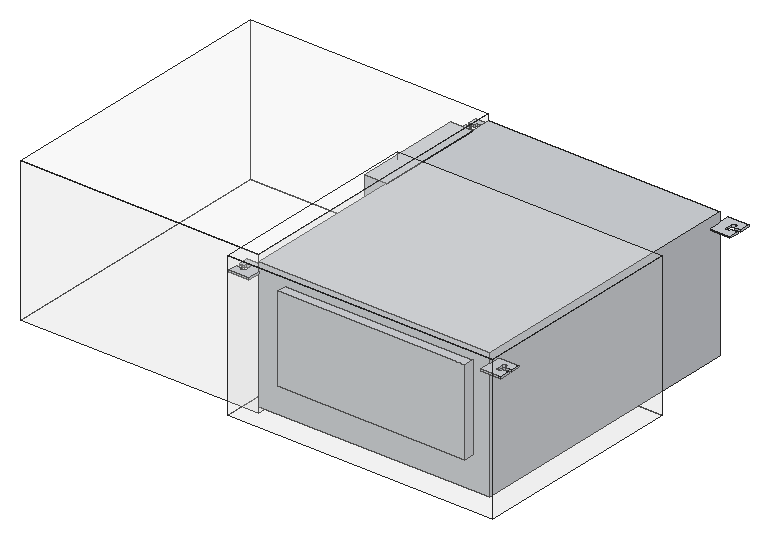
Revit family "pefy-p45_160mg9-j_50Hz", category 機械設備, Revit 2019
Family settings
  丸型コネクタ寸法 = 直径を使用
  パーツ タイプ = 標準
  OmniClass 番号 = 23.75.10.24.21.27.27
  OmniClass タイトル = Split System Air Conditioning Units
  作業面ベース = いいえ
  常に垂直 = はい
  ロード時にボイドで切り取り = いいえ
  共有 = いいえ
  部屋計算ポイント = はい
Parameters (values of type "PEFY-P45MG9-J")
  風量（弱）（m3／min） = 10
  風量（m3／min） = 14
  風量 = MAX風量  # 840.0 m³/h
  音響パワーレベル（弱）(dB) = 51
  音響パワーレベル(dB) = 57
  電源種別 = ""
  電源_H = 0 mm
  電圧_電気ヒーター = 0 V
  電圧 = 200 V
  電動機出力_送風機 = 0.08 kW
  運転質量 = 0.00 kg
  連動 = ""
  質量 = if(製品質量 > 運転質量, 製品質量, 運転質量) * 1.2  # 46.80 kg
  負荷分類 = 3_ファン類
  説明 = "ビル用マルチエアコン 天井埋込形　室内機"
  設計暖房能力 = 0.00 kW
  設計冷房能力_顕熱 = 0 kW
  設計冷房能力 = 0 kW
  設置方法 = "天井吊(隠ぺい)形"
  記号 = ""
  製造元 = "三菱電機株式会社"
  製品質量 = 39.00 kg
  製品出荷対象 = "国内"
  製品リリース年月 = "2022年9月15日"
  製品グループ = ""
  系統 = ""
  符号 = "ACP_CID"
  積算_科目 = "1 空気調和設備"
  積算_拾い区分 [instance] = ""
  相_電気ヒーター = 1
  相 = 1
  盤記号 = ""
  発停方法 = "付属スイッチ"
  特殊仕様 = ""
  点検口離隔 [instance] = if(点検口離隔入力値 > 200 mm, 200 mm, if(点検口離隔入力値 < 150 mm, 150 mm, 点検口離隔入力値))  # 150 mm
  点検口離隔入力値 [instance] = 150 mm
  点検口設置範囲 = 700 mm
  点検口位置 = 100 mm
  点検口 = yes
  火災停止 = ""
  消費電力_電気ヒーター = 0.00 kW
  消費電力_暖房 = 0.17 kW
  消費電力_加湿器 = 0.00 kW
  消費電力_冷房 = 0.19 kW
  消費電力 = if(消費電力_冷房 > 消費電力_暖房, 消費電力_冷房, 消費電力_暖房) + 消費電力_加湿器 + 消費電力_電気ヒーター  # 0.19 kW
  法定耐用年数 = "15"
  機外静圧 = 100.0 Pa
  極数 = 3
  材質 = ""
  本体マテリアル = none
  有効加湿量 = 0
  暖房能力 = 5.00 kW
  推奨ブレーカー容量 = 15 A
  形式_加湿器 = ""
  形式 = "天井吊（隠ぺい）形（両ダクト形）"
  幹線記号 = ""
  始動方式 = ""
  呼称 = "室内機_天井吊(隠ぺい)形(両ダクト形)"
  周波数 = 50 Hz
  吊り幅 = if(Depth = 900 mm, 60 mm, 61 mm)  # 60 mm
  吊り位置Y = 842 mm
  吊り位置X = 754 mm
  台数_手元リモコン = ""
  台数_冷媒分岐ユニット = ""
  参照している仕様書等のバージョン = "公共建築工事標準仕様書（機械設備工事編）平成31年度版"
  加湿給水管径 = 0 mm
  分類コード = "50053003221070"
  分類グループ = ""
  冷房能力 = 4.5 kW
  冷媒高低圧ガス管径 = 0 mm
  冷媒管径符号 = "Ac"
  冷媒管径 = 100 mm
  冷媒液管径 = 6.35 mm
  冷媒液管_縦 = 58 mm
  冷媒液管_横 = 69 mm
  冷媒ガス管径 = 12.7 mm
  冷媒ガス管_縦 = 143 mm
  冷媒ガス管_横 = 187 mm
  企業コード = "108420"
  付属品_フィルター = ""
  付属品 = ""
  仕様書バージョン = "Version1.0"
  モデル = "PEFY-P45MG9-J"
  ドレン管径 = 32 mm
  ドレン管_縦 = 326.5 mm
  ドレン管_横 = 430 mm
  サービススペース = yes
  コメント [instance] = ""
  ケーブル種類 = ""
  ケーブルサイズ = 1.6 mm
  Width = 745 mm
  Version = ""
  Uniclass2015Version = "Systems v1.9"
  Uniclass2015Title = "Split coil remote air cooled condensing units"
  Uniclass2015Code = "Pr_70_65_03_84"
  URL = "https://www.mitsubishielectric.co.jp/ldg/wink/ssl/displayProduct.do?pid=317047"
  SpecificationReference = ""
  SpecificationDescription = ""
  S_H = Height + 20 mm  # 400 mm
  SAサイズ_W = 550 mm
  SAサイズ_D = 250 mm
  Revision = ""
  RAサイズ_W = 600 mm
  RAサイズ_D = 340 mm
  ProductInformation = ""
  OmniClassCode = "23-751024212727"
  MIN風量 = 風量（弱）（m3／min） * 60.0 m³/h  # 600.0 m³/h
  MAX風量 = 風量（m3／min） * 60.0 m³/h  # 840.0 m³/h
  IfcTypeProduct = ""
  IfcProduct = ""
  IfcExportType = "AIRCONDITIONINGUNIT"
  IfcExportAs = "IfcUnitaryEquipmentType"
  Height = 380 mm
  Depth = 900 mm
  Clearance Top = 20 mm  # constant formula
  Clearance Right = 50 mm  # constant formula
  Clearance Left = if(Width = 745 mm, 730 mm, if(Width = 1030 mm, 1015 mm, if(Width = 1195 mm, 1180 mm, 1300 mm)))  # 730 mm
  Clearance Front = if(Depth = 900 mm, 575 mm, 650 mm)  # 575 mm
  Clearance Bottom = 20 mm  # constant formula
  Clearance Back = 50 mm  # constant formula
  Author = "三菱電機株式会社"
Types (8, lengths in mm): name | 風量（弱）（m3／min） | 風量（m3／min） | 風量 | 音響パワーレベル（弱）(dB) | 音響パワーレベル(dB) | 電動機出力_送風機 | 質量 | 製品質量 | 消費電力_暖房 | 消費電力_冷房 | 消費電力 | 暖房能力 | 吊り位置X | 冷房能力 | 冷媒管径符号 | 冷媒液管径 | 冷媒ガス管径 | モデル | Width | URL | SAサイズ_W | RAサイズ_W | MIN風量 | MAX風量 | Clearance Left
  PEFY-P45MG9-J | 10 | 14 | 840.0 m³/h | 51 | 57 | 0.08 kW | 46.80 kg | 39.00 kg | 0.17 kW | 0.19 kW | 0.19 kW | 5.00 kW | 754 | 4.5 kW | "Ac" | 6.35 | 12.7 | "PEFY-P45MG9-J" | 745 | "https://www.mitsubishielectric.co.jp/ldg/wink/ssl/displayProduct.do?pid=317047" | 550 | 600 | 600.0 m³/h | 840.0 m³/h | 730
  PEFY-P56MG9-J | 10 | 14 | 840.0 m³/h | 52 | 57 | 0.08 kW | 46.80 kg | 39.00 kg | 0.17 kW | 0.19 kW | 0.19 kW | 6.30 kW | 754 | 5.6 kW | "Ac" | 6.35 | 12.7 | "PEFY-P56MG9-J" | 745 | "https://www.mitsubishielectric.co.jp/ldg/wink/ssl/displayProduct.do?pid=317048" | 550 | 600 | 600.0 m³/h | 840.0 m³/h | 730
  PEFY-P71MG9-J | 13.5 | 19 | 1140.0 m³/h | 56 | 61 | 0.10 kW | 48.00 kg | 40.00 kg | 0.22 kW | 0.24 kW | 0.24 kW | 8.00 kW | 754 | 7.1 kW | "Bd" | 9.52 | 15.88 | "PEFY-P71MG9-J" | 745 | "https://www.mitsubishielectric.co.jp/ldg/wink/ssl/displayProduct.do?pid=317049" | 550 | 600 | 810.0 m³/h | 1140.0 m³/h | 730
  PEFY-P80MG9-J | 15.5 | 22 | 1320.0 m³/h | 56 | 61 | 0.11 kW | 61.20 kg | 51.00 kg | 0.26 kW | 0.28 kW | 0.28 kW | 9.00 kW | 1039 | 8 kW | "Bd" | 9.52 | 15.88 | "PEFY-P80MG9-J" | 1030 | "https://www.mitsubishielectric.co.jp/ldg/wink/ssl/displayProduct.do?pid=317050" | 835 | 885 | 930.0 m³/h | 1320.0 m³/h | 1015
  PEFY-P90MG9-J | 18 | 25 | 1500.0 m³/h | 58 | 63 | 0.14 kW | 61.20 kg | 51.00 kg | 0.27 kW | 0.29 kW | 0.29 kW | 10.00 kW | 1039 | 9 kW | "Bd" | 9.52 | 15.88 | "PEFY-P90MG9-J" | 1030 | "https://www.mitsubishielectric.co.jp/ldg/wink/ssl/displayProduct.do?pid=317051" | 835 | 885 | 1080.0 m³/h | 1500.0 m³/h | 1015
  PEFY-P112MG9-J | 26.5 | 38 | 2280.0 m³/h | 60 | 64 | 0.20 kW | 75.60 kg | 63.00 kg | 0.47 kW | 0.49 kW | 0.49 kW | 12.50 kW | 1204 | 11.2 kW | "Bd" | 9.52 | 15.88 | "PEFY-P112MG9-J" | 1195 | "https://www.mitsubishielectric.co.jp/ldg/wink/ssl/displayProduct.do?pid=317052" | 1000 | 1050 | 1590.0 m³/h | 2280.0 m³/h | 1180
  PEFY-P140MG9-J | 26.5 | 38 | 2280.0 m³/h | 61 | 65 | 0.20 kW | 75.60 kg | 63.00 kg | 0.47 kW | 0.49 kW | 0.49 kW | 16.00 kW | 1204 | 14 kW | "Bd" | 9.52 | 15.88 | "PEFY-P140MG9-J" | 1195 | "https://www.mitsubishielectric.co.jp/ldg/wink/ssl/displayProduct.do?pid=317053" | 1000 | 1050 | 1590.0 m³/h | 2280.0 m³/h | 1180
  PEFY-P160MG9-J | 28 | 40 | 2400.0 m³/h | 62 | 65 | 0.23 kW | 78.00 kg | 65.00 kg | 0.47 kW | 0.49 kW | 0.49 kW | 18.00 kW | 1204 | 16 kW | "Bd" | 9.52 | 15.88 | "PEFY-P160MG9-J" | 1195 | "https://www.mitsubishielectric.co.jp/ldg/wink/ssl/displayProduct.do?pid=317054" | 1000 | 1050 | 1680.0 m³/h | 2400.0 m³/h | 1180
Reference planes
  plane 1 "中心(正面/背面)": y = -138.467
  plane 2: z = 0
  plane 3 "中心(左/右)": x = 140.396
  plane 4: z = 380
  plane 5: z = 400
  plane 6: x = 517.396
  plane 7: x = -236.604
  plane 8: y = -528.467
  plane 9: y = -588.467
  plane 10: y = 311.533
  plane 11: x = 480.396
  plane 12: x = -264.604
  plane 13: z = -20
  plane 14: x = 540.396
  plane 15: y = -559.467
  plane 16: y = 287.533
  plane 17: y = -135.967
  plane 18: y = -262.467
  plane 19: y = 187.533
  plane 20: x = -199.604
  plane 21: x = -349.604
  plane 22: x = -899.604
  plane 23: z = 400
  plane 24: x = -249.604
  plane 25: y = -609.467
  plane 26: x = 530.396
  plane 27: y = 15.533
  plane 28 "吊りボルトピッチ-1": y = 282.533
Dimensions and locks
  "S_H": plane 5 to level
  equal spacing: plane 10, plane 1 "中心(正面/背面)", plane 9
  "Depth": plane 10 to plane 9
  "Width": plane 11 to plane 12
  "Clearance Bottom": level to plane 13
  locked: plane 8 to plane 9 at 60
  "吊り幅": plane 14 to plane 11
  "Height": plane 4 to level
  locked: plane 10 to plane 16 at 24
  locked: plane 15 to plane 9 at 29
  locked: plane 19 to plane 18 at 450
  equal spacing: plane 16, plane 17, plane 15
  plane 20 to plane 7 = 37 mm
  "点検口離隔": plane 20 to plane 21
  "点検口設置範囲": plane 20 to plane 22
  "Clearance Top": plane 23 to plane 4
  "Clearance Back": plane 15 to plane 25
  "Clearance Right": plane 20 to plane 24
  "Clearance Front": plane 27 to plane 15
  "Clearance Left": plane 26 to plane 20
  "点検口位置": plane 16 to plane 19
  equal spacing: plane 11, plane 3 "中心(左/右)", plane 20
  "吊り位置X": plane 7 to plane 6
  equal spacing: plane 7, plane 3 "中心(左/右)", plane 6
  locked: plane 6 to plane 14 at 23
  aligned and locked: level to plane 2
  aligned and locked: nested 3 to plane 3 "中心(左/右)"
  aligned and locked: plane 1 "中心(正面/背面)" to nested 3
  aligned and locked: plane 18 to nested 2
  aligned and locked: plane 19 to nested 2
  aligned and locked: nested 2 to plane 22
  aligned and locked: nested 2 to plane 21
  aligned and locked: plane 23 to nested 1
  aligned and locked: plane 23 to nested 4
  aligned and locked: plane 13 to nested 1
  aligned and locked: plane 13 to nested 4
  aligned and locked: nested 1 to plane 15
  aligned and locked: nested 1 to plane 16
  aligned and locked: nested 1 to plane 22
  aligned and locked: nested 1 to plane 20
  aligned and locked: nested 4 to plane 25
  aligned and locked: nested 4 to plane 27
  aligned and locked: nested 4 to plane 24
  aligned and locked: nested 4 to plane 26
  aligned and locked: plane 6 to nested 5
  aligned and locked: nested 5 to plane 7
  aligned and locked: nested 5 to plane 15
Nested families
  nested 1: "サービススペース" at (-549.604, -135.967, 190) x (-1, 0, 0) z (0, 0, 1), visible <- "サービススペース", type "サービススペース"
    with Width 700 mm, Height 420 mm, Depth 847 mm
  nested 2: "点検口設置範囲" at (-624.604, -37.467, 0) x (-1, 0, 0) z (0, 0, 1), visible <- "点検口", type "点検口設置範囲"
    with Width 550 mm, Depth 450 mm
  nested 3: "PEFY-P○○○MG9" at (312.896, -138.467, 0) x (0, -1, 0) z (0, 0, 1), type "PEFY-P○○○MG9"
    with 制御ボクス yes, ユニット表示 yes
  nested 4: "サービススペース" at (140.396, -296.967, 190) x (-1, 0, 0) z (0, 0, 1), visible <- "サービススペース", type "サービススペース"
    with Width 780 mm, Height 420 mm, Depth 625 mm
  nested 5: "固定点" at (-236.604, -559.467, 0), W <- "吊り位置X", D <- "吊り位置Y", type "固定点"
    with W 754 mm, D 842 mm
Connectors
  hvac at (155.396, -588.467, 219), driven by "SAサイズ_D", driven by "SAサイズ_W", driven by "機外静圧", driven by "風量"
    settings: on nested 3, index 1, duct flow 840.0 m³/h, flow factor 0, pres drop 100.0 Pa, loss coef 0, conn angle 0.00°, conn width 550 mm, conn height 250 mm, conn diameter 609.6 mm, duct sys type 29, conn prof type 1, flow config 0, flow direction 2, loss method 4, conn ref index -1, conn util no, is conn primary yes, conn desc ""
  hvac at (140.396, 311.533, 186), driven by "RAサイズ_D", driven by "RAサイズ_W", driven by "機外静圧", driven by "風量"
    settings: on nested 3, index 2, duct flow 840.0 m³/h, flow factor 0, pres drop 100.0 Pa, loss coef 0, conn angle 0.00°, conn width 600 mm, conn height 340 mm, conn diameter 609.6 mm, duct sys type 29, conn prof type 1, flow config 0, flow direction 1, loss method 4, conn ref index -1, conn util no, is conn primary no, conn desc ""
  piping at (-264.604, -337.967, 172), diameter 100, driven by "冷媒管径", driven by "冷媒管径符号"
    settings: on nested 3, index 3, connector inside diameter 609.6 mm, connector length 0 mm, flow factor 0, pipe flow 0.0 L/s, pressure drop 0.0 Pa, fitting loss kfactor 0, connector angle 0.00°, fixture units 0, engagement length 0 mm, angle of deflection 0.00°, flow configuration 1, flow direction 1, fitting loss method 4, system type 7, joint type 0, gender type 0, connector reference index -1, connector utility 0, adjustable connector no, is connector primary yes, connector description "Ac"
  piping at (-209.604, -129.467, 326.5), diameter 32, driven by "ドレン管径"
    settings: on nested 3, index 4, connector inside diameter 609.6 mm, connector length 0 mm, flow factor 0, pipe flow 0.0 L/s, pressure drop 0.0 Pa, fitting loss kfactor 0, connector angle 0.00°, fixture units 0, engagement length 0 mm, angle of deflection 0.00°, flow configuration 1, flow direction 2, fitting loss method 4, system type 16, joint type 0, gender type 0, connector reference index -1, connector utility 0, adjustable connector no, is connector primary no, connector description ""
  electrical at (-209.604, 117.533, 60), driven by "極数", driven by "負荷分類", driven by "電圧", driven by "消費電力"
    settings: on nested 3, index 5, voltage 200 V, apparent load 190 VA, apparent load phase1 0 VA, apparent load phase2 0 VA, apparent load phase3 0 VA, power factor 1, load classification "3_ファン類", number of poles 3, system type 30, power factor state 1, is connector primary yes, connector utility no, sub classification motor no, connector description ""
Definition of nested family "サービススペース"
  Parameters (values of type "サービススペース")
    Width [instance] = 500 mm
    Height [instance] = 500 mm
    Depth [instance] = 500 mm
  Reference planes
    plane 1 "中心(正面/背面)": y = 0
    plane 2: z = 0
    plane 3 "中心(左/右)": x = 0
    plane 4: y = -250
    plane 5: x = 250
    plane 6: y = 250
    plane 7: x = -250
    plane 8: z = 250
    plane 9: z = -250
  Forms (mm)
    Extrusion 1, solid
      sketch origin (-638.939, 0, 72.39) x (1, 0, 0) y (0, 1, 0)
        loop
          line (388.939, 250) -> (388.939, -250) -> (888.939, -250) -> (888.939, 250) -> (388.939, 250)
      from -322.39 to 177.61
  Lines and regions (mm)
    symbolic lines
      curve 1: line (-250, 0, 250) -> (250, 0, 250)
      curve 2: line (-250, 0, -250) -> (-250, 0, 250)
      curve 3: line (250, 0, -250) -> (-250, 0, -250)
      curve 4: line (250, 0, 250) -> (250, 0, -250)
      curve 5: line (0, -250, 250) -> (0, 250, 250)
      curve 6: line (0, -250, -250) -> (0, -250, 250)
      curve 7: line (0, 250, -250) -> (0, -250, -250)
      curve 8: line (0, 250, 250) -> (0, 250, -250)
      curve 9: line (-250, 250, 0) -> (250, 250, 0)
      curve 10: line (-250, -250, 0) -> (-250, 250, 0)
      curve 11: line (250, -250, 0) -> (-250, -250, 0)
      curve 12: line (250, 250, 0) -> (250, -250, 0)
  Dimensions and locks
    equal spacing: plane 7, plane 3 "中心(左/右)", plane 5
    equal spacing: plane 4, plane 1 "中心(正面/背面)", plane 6
    "Depth": plane 4 to plane 6
    "Width": plane 7 to plane 5
    equal spacing: plane 8, plane 2, plane 9
    "Height": plane 8 to plane 9
    aligned and locked: plane 9 to curve 3
    aligned and locked: plane 7 to curve 2
    aligned and locked: curve 4 to plane 5
    aligned and locked: plane 5 to Extrusion 1
    aligned and locked: Extrusion 1 to plane 7
    aligned and locked: Extrusion 1 to plane 9
    aligned and locked: plane 8 to Extrusion 1
    aligned and locked: plane 9 to curve 7
  Automatic sketch dimensions
    plane 4 to Extrusion 1 sketch curve = 0 mm
    Extrusion 1 sketch curve to plane 7 = 0 mm
    Extrusion 1 sketch curve to plane 5 = 0 mm
    plane 6 to Extrusion 1 sketch curve = 0 mm
    curve 2 to plane 8 = 0 mm
    plane 4 to curve 11 = 0 mm
    curve 11 to plane 7 = 0 mm
    curve 11 to plane 5 = 0 mm
    plane 6 to curve 10 = 0 mm
    curve 7 to plane 4 = 0 mm
    curve 7 to plane 6 = 0 mm
    curve 6 to plane 8 = 0 mm
Definition of nested family "PEFY-P○○○MG9"
  Parameters (values of type "PEFY-P○○○MG9")
    配線取出口サイズ = 36 mm
    配線取出口-Z = 60 mm  # constant formula
    配線取出口-Y = 10 mm  # constant formula
    配線取出口-X = 50 mm  # constant formula
    制御ボクス [instance] = and(ユニット表示, 幅さ = 900 mm)  # yes
    冷媒液配管サイズ = 6.35 mm
    y = if(幅さ = 900 mm, 65 mm, 0 mm)  # 65 mm
    e = if(幅さ = 900 mm, 80 mm, 100 mm)  # 80 mm
    d = if(幅さ = 900 mm, 40 mm, 102 mm)  # 40 mm
    R2 = 250 mm
    R1 = if(幅さ = 900 mm, 94 mm, 105 mm)  # 94 mm
    L2 = 340 mm
    L1 = if(幅さ = 900 mm, 16 mm, 20 mm)  # 16 mm
    E = 550 mm
    C = 680 mm
    A = if(奥行き = 745 mm, 800 mm, if(奥行き = 1030 mm, 1085 mm, if(奥行き = 1195 mm, 1250 mm, 1372 mm)))  # 800 mm
    高さ = 380 mm
    奥行き = 745 mm
    吊りボルト_H = 167 mm
    冷媒配管 = 100 mm
    冷媒液管径-Z = 58 mm
    冷媒液管径-Y = if(幅さ = 900 mm, 65 mm, 100 mm)  # 65 mm
    冷媒液管径-X = 69 mm
    冷媒ガス管径-Z = 143 mm
    冷媒ガス管径-Y = if(幅さ = 900 mm, 70 mm, 100 mm)  # 70 mm
    冷媒ガス管径-X = 187 mm
    ユニット表示 [instance] = yes
    吊りボルトピッチ = 842 mm
    ドレン配管サイズ = 32 mm
    ドレン管径-Z = 326.5 mm
    ドレン管径-Y = 10 mm  # constant formula
    ドレン管径-X = 430 mm
    冷媒ガス配管サイズ = 12.7 mm
    D = 600 mm
    幅さ = 900 mm
    B = 754 mm
  Reference planes
    plane 1 "中心(正面/背面)": y = -172.5
    plane 2: z = 0
    plane 3 "中心(左/右)": x = 0
    plane 4: z = 380
    plane 5: z = -20
    plane 6: x = -450
    plane 7: x = 450
    plane 8: y = -572.5
    plane 9: z = 400
    plane 10: y = 167.5
    plane 11: y = -512.5
    plane 12: x = -426
    plane 13 "吊金具-２": x = 421
    plane 14: z = 41
    plane 15: z = 36
    plane 16: y = 117.5
    plane 17: y = -432.5
    plane 18: y = 127.5
    plane 19: y = -472.5
    plane 20: y = 204.5
    plane 21: z = 356
    plane 22: z = 16
    plane 23: z = 94
    plane 24: z = 344
    plane 25: y = -577.5
    plane 26: x = -366
    plane 27: x = -306
    plane 28: z = 120
    plane 29: z = 170
    plane 30: y = -517.5
    plane 31: x = -454
    plane 32: x = 390
    plane 33: x = -354
    plane 34: x = 321
    plane 35: y = 227.5
    plane 36: y = -549.5
    plane 37: y = -577.5
    plane 38: y = -522.5
    plane 39: y = -577.5
    plane 40: y = -582.5
    plane 41: x = 234
    plane 42: z = 143
    plane 43: x = 165
    plane 44: z = 201
    plane 45: x = 199.5
    plane 46: z = 172
    plane 47: x = -9
    plane 48: x = -50
    plane 49: z = 326.5
    plane 50: x = -256
    plane 51: z = 60
    plane 52 "吊金具-2": x = 455
    plane 53: x = 415
    plane 54: x = 427
    plane 55 "吊金具-高さ": z = 353
    plane 56 "吊金具-1": x = -421
  Forms (mm)
    Extrusion 1, solid, visible <- "ユニット表示", detail levels fine
      sketch origin (0, 0, 0) x (1, 0, 0) y (0, 1, 0)
        loop
          line (-426, 167.5) -> (-426, -512.5) -> (421, -512.5) -> (421, 167.5) -> (-426, 167.5)
      from 0 to 380
    Extrusion 2, solid, visible <- "ユニット表示", detail levels fine
      sketch origin (0, 0, 0) x (1, 0, 0) y (0, 1, 0)
        loop
          line (-450, 127.5) -> (-450, -472.5) -> (-426, -472.5) -> (-426, 127.5) -> (-450, 127.5)
      from 16 to 356
    Extrusion 3, solid, visible <- "ユニット表示", detail levels fine
      sketch origin (0, 0, 0) x (1, 0, 0) y (0, 1, 0)
        loop
          line (450, 117.5) -> (421, 117.5) -> (421, -432.5) -> (450, -432.5) -> (450, 117.5)
      from 94 to 344
    Extrusion 4, solid, visible <- "制御ボクス", detail levels fine
      sketch origin (1480.036, -517.5, 1200) x (1, 0, 0) y (0, 0, 1)
        loop
          line (-1786.036, -1030) -> (-1786.036, -1184) -> (-1530.036, -1184) -> (-1530.036, -820) -> (-1846.036, -820) -> (-1846.036, -1030) -> (-1786.036, -1030)
      from -5 to 60
    Extrusion 5, solid, visible <- "ユニット表示", detail levels fine
      sketch origin (-1437.329, -1523, 36) x (-1, 0, 0) y (0, -1, 0)
        loop
          line (-1824.329, -950.5) -> (-1852.329, -950.5) -> (-1852.329, -966.5) -> (-1850.329, -966.5)
          arc (-1850.329, -966.5) -> (-1845.38, -968.55) -> (-1843.329, -973.5) r 7
          arc (-1843.329, -973.5) -> (-1845.38, -978.45) -> (-1850.329, -980.5) r 7
          line (-1850.329, -980.5) -> (-1866.329, -980.5)
          arc (-1866.329, -980.5) -> (-1871.279, -978.45) -> (-1873.329, -973.5) r 7
          arc (-1873.329, -973.5) -> (-1871.279, -968.55) -> (-1866.329, -966.5) r 7
          line (-1866.329, -966.5) -> (-1864.329, -966.5) -> (-1864.329, -950.5) -> (-1892.329, -950.5) -> (-1892.329, -1010.5) -> (-1824.329, -1010.5) -> (-1824.329, -950.5)
        loop
          line (-1824.329, -1750.5) -> (-1824.329, -1690.5) -> (-1892.329, -1690.5) -> (-1892.329, -1750.5) -> (-1864.329, -1750.5) -> (-1864.329, -1734.5) -> (-1866.329, -1734.5)
          arc (-1866.329, -1734.5) -> (-1871.279, -1732.45) -> (-1873.329, -1727.5) r 7
          arc (-1873.329, -1727.5) -> (-1871.279, -1722.55) -> (-1866.329, -1720.5) r 7
          line (-1866.329, -1720.5) -> (-1850.329, -1720.5)
          arc (-1850.329, -1720.5) -> (-1845.38, -1722.55) -> (-1843.329, -1727.5) r 7
          arc (-1843.329, -1727.5) -> (-1845.38, -1732.45) -> (-1850.329, -1734.5) r 7
          line (-1850.329, -1734.5) -> (-1852.329, -1734.5) -> (-1852.329, -1750.5) -> (-1824.329, -1750.5)
        loop
          line (-982.329, -950.5) -> (-1010.329, -950.5) -> (-1010.329, -966.5) -> (-1008.329, -966.5)
          arc (-1008.329, -966.5) -> (-1003.38, -968.55) -> (-1001.329, -973.5) r 7
          arc (-1001.329, -973.5) -> (-1003.38, -978.45) -> (-1008.329, -980.5) r 7
          line (-1008.329, -980.5) -> (-1024.329, -980.5)
          arc (-1024.329, -980.5) -> (-1029.279, -978.45) -> (-1031.329, -973.5) r 7
          arc (-1031.329, -973.5) -> (-1029.279, -968.55) -> (-1024.329, -966.5) r 7
          line (-1024.329, -966.5) -> (-1022.329, -966.5) -> (-1022.329, -950.5) -> (-1050.329, -950.5) -> (-1050.329, -1010.5) -> (-982.329, -1010.5) -> (-982.329, -950.5)
        loop
          line (-982.329, -1750.5) -> (-982.329, -1690.5) -> (-1050.329, -1690.5) -> (-1050.329, -1750.5) -> (-1022.329, -1750.5) -> (-1022.329, -1734.5) -> (-1024.329, -1734.5)
          arc (-1024.329, -1734.5) -> (-1029.279, -1732.45) -> (-1031.329, -1727.5) r 7
          arc (-1031.329, -1727.5) -> (-1029.279, -1722.55) -> (-1024.329, -1720.5) r 7
          line (-1024.329, -1720.5) -> (-1008.329, -1720.5)
          arc (-1008.329, -1720.5) -> (-1003.38, -1722.55) -> (-1001.329, -1727.5) r 7
          arc (-1001.329, -1727.5) -> (-1003.38, -1732.45) -> (-1008.329, -1734.5) r 7
          line (-1008.329, -1734.5) -> (-1010.329, -1734.5) -> (-1010.329, -1750.5) -> (-982.329, -1750.5)
      from 312 to 317
    Extrusion 6, solid, visible <- "ユニット表示", detail levels fine
      sketch origin (1480.036, -512.5, 1200) x (1, 0, 0) y (0, 0, 1)
        loop
          circle (-1246.036, -1057) r 6.35
      from 0 to 70
    Extrusion 7, solid, visible <- "ユニット表示", detail levels fine
      sketch origin (1480.036, -512.5, 1200) x (1, 0, 0) y (0, 0, 1)
        loop
          circle (-1315.036, -999) r 3.175
      from 0 to 65
    Extrusion 8, solid, visible <- "ユニット表示", detail levels fine
      sketch origin (1480.036, -512.5, 1200) x (1, 0, 0) y (0, 0, 1)
        loop
          circle (-1280.536, -1028) r 50
      from 0 to 65
    Extrusion 9, solid, visible <- "ユニット表示", detail levels fine
      sketch origin (1480.036, -512.5, 1200) x (1, 0, 0) y (0, 0, 1)
        loop
          circle (-1489.036, -873.5) r 16
      from 0 to 10
    Extrusion 10, solid, visible <- "ユニット表示", detail levels fine
      sketch origin (1480.036, -512.5, 1200) x (1, 0, 0) y (0, 0, 1)
        loop
          circle (-1736.036, -1140) r 18
      from 0 to 10
  Dimensions and locks
    locked: level to plane 5 at 20
    equal spacing: plane 6, plane 3 "中心(左/右)", plane 7
    "幅さ": plane 6 to plane 7
    locked: plane 9 to plane 4 at 20
    "高さ": plane 4 to level
    locked: plane 6 to plane 12 at 24
    locked: plane 13 "吊金具-２" to plane 7 at 29
    locked: plane 14 to level at 41
    locked: plane 14 to plane 15 at 5
    "D": plane 19 to plane 18
    "E": plane 17 to plane 16
    "L1": plane 22 to level
    "R2": plane 24 to plane 23
    "R1": plane 23 to level
    "L2": plane 21 to plane 22
    "e": plane 11 to plane 17
    "d": plane 11 to plane 19
    "奥行き": plane 25 to plane 10
    plane 12 to plane 26 to plane 27 = 60 mm locked, 60 mm locked
    locked: plane 28 to level at 120
    locked: plane 29 to plane 28 at 50
    locked: plane 30 to plane 11 at 5
    locked: plane 31 to plane 6 at 4
    locked: plane 32 to plane 7 at 60
    locked: plane 31 to plane 33 at 100
    locked: plane 34 to plane 13 "吊金具-２" at 100
    "y": plane 25 to plane 11
    "B": plane 36 to plane 20
    plane 8 to plane 36 = 23 mm
    locked: plane 37 to plane 30 at 60
    "ドレン管径-Y": plane 38 to plane 11
    "冷媒液管径-Y": plane 39 to plane 11
    "冷媒ガス管径-Y": plane 40 to plane 11
    "冷媒ガス管径-Z": plane 42 to level
    "冷媒ガス管径-X": plane 41 to plane 13 "吊金具-２"
    "冷媒液管径-X": plane 43 to plane 41
    "冷媒液管径-Z": plane 44 to plane 42
    equal spacing: plane 44, plane 46, plane 42
    equal spacing: plane 43, plane 45, plane 41
    "ドレン管径-X": plane 47 to plane 13 "吊金具-２"
    locked: plane 48 to plane 3 "中心(左/右)" at 50
    "ドレン管径-Z": plane 49 to level
    locked: plane 27 to plane 50 at 50
    "配線取出口-Z": plane 51 to level
    "A": plane 8 to plane 35
    equal spacing: plane 11, plane 1 "中心(正面/背面)", plane 10
    equal spacing: plane 8, plane 1 "中心(正面/背面)", plane 35
    equal spacing: plane 36, plane 1 "中心(正面/背面)", plane 20
    plane 4 to plane 55 "吊金具-高さ" = 27 mm
    Extrusion 5 to Extrusion 5 = 910 mm
    "冷媒ガス配管サイズ": diameter of Extrusion 6 sketch curve
    "冷媒液配管サイズ": diameter of Extrusion 7 sketch curve
    "冷媒配管": diameter of Extrusion 8 sketch curve
    "ドレン配管サイズ": diameter of Extrusion 9 sketch curve
    "配線取出口サイズ": diameter of Extrusion 10 sketch curve
    aligned and locked: level to plane 2
    aligned and locked: plane 10 to Extrusion 1 sketch curve
    aligned and locked: plane 12 to Extrusion 1 sketch curve
    aligned and locked: Extrusion 1 sketch curve to plane 11
    aligned and locked: Extrusion 1 sketch curve to plane 13 "吊金具-２"
    aligned and locked: Extrusion 1 to level
    aligned and locked: plane 4 to Extrusion 1
    aligned and locked: plane 18 to Extrusion 2 sketch curve
    aligned and locked: Extrusion 2 sketch curve to plane 19
    aligned and locked: Extrusion 2 sketch curve to plane 12
    aligned and locked: plane 6 to Extrusion 2 sketch curve
    aligned and locked: Extrusion 2 to plane 22
    aligned and locked: plane 21 to Extrusion 2
    aligned and locked: Extrusion 3 sketch curve to plane 16
    aligned and locked: plane 17 to Extrusion 3 sketch curve
    aligned and locked: Extrusion 3 sketch curve to plane 13 "吊金具-２"
    aligned and locked: plane 7 to Extrusion 3 sketch curve
    aligned and locked: Extrusion 3 to plane 23
    aligned and locked: plane 24 to Extrusion 3
    aligned and locked: Extrusion 4 sketch curve to plane 27
    aligned and locked: Extrusion 4 sketch curve to plane 29
    aligned and locked: Extrusion 4 sketch curve to plane 26
    aligned and locked: Extrusion 4 sketch curve to plane 4
    aligned and locked: Extrusion 4 sketch curve to plane 22
    aligned and locked: plane 37 to Extrusion 4
    aligned and locked: plane 42 to Extrusion 6 sketch curve
    aligned and locked: plane 41 to Extrusion 6 sketch curve
    aligned and locked: Extrusion 6 to plane 11
    aligned and locked: plane 40 to Extrusion 6
    aligned and locked: plane 44 to Extrusion 7 sketch curve
    aligned and locked: plane 43 to Extrusion 7 sketch curve
    aligned and locked: Extrusion 7 to plane 11
    aligned and locked: plane 39 to Extrusion 7
    aligned and locked: Extrusion 8 to plane 11
    aligned and locked: plane 39 to Extrusion 8
    aligned and locked: Extrusion 4 sketch curve to plane 48
    aligned and locked: plane 49 to Extrusion 9 sketch curve
    aligned and locked: plane 47 to Extrusion 9 sketch curve
    aligned and locked: Extrusion 9 to plane 11
    aligned and locked: plane 38 to Extrusion 9
    aligned and locked: plane 51 to Extrusion 10 sketch curve
    aligned and locked: plane 50 to Extrusion 10 sketch curve
    aligned and locked: Extrusion 10 to plane 11
    aligned and locked: plane 38 to Extrusion 10
    aligned and locked: plane 46 to Extrusion 8 sketch curve
    aligned and locked: plane 45 to Extrusion 8 sketch curve
    aligned and locked: plane 55 "吊金具-高さ" to Extrusion 5
    aligned and locked: Extrusion 4 to plane 11
  Automatic sketch dimensions
    Extrusion 5 sketch curve to Extrusion 5 sketch curve = 0 mm  (x16)
    plane 8 to Extrusion 5 sketch curve = 0 mm  (x4)
    Extrusion 5 sketch curve to plane 52 "吊金具-2" = 0 mm  (x2)
    plane 36 to Extrusion 5 sketch curve = 0 mm  (x4)
    plane 20 to Extrusion 5 sketch curve = 0 mm  (x4)
    Extrusion 5 sketch curve to plane 54 = 0 mm  (x2)
    plane 35 to Extrusion 5 sketch curve = 0 mm  (x4)
    Extrusion 5 sketch curve to plane 53 = 0 mm  (x2)
    plane 54 to Extrusion 5 sketch curve = 2 mm  (x2)
    Extrusion 5 sketch curve to plane 53 = 2 mm  (x2)
    Extrusion 5 sketch curve to plane 32 = 3 mm  (x2)
    Extrusion 5 sketch curve to plane 26 = 21 mm  (x2)
    plane 10 to Extrusion 5 sketch curve = 0 mm  (x2)
    plane 56 "吊金具-1" to Extrusion 5 sketch curve = 8 mm  (x2)
    plane 56 "吊金具-1" to Extrusion 5 sketch curve = 6 mm  (x2)
    Extrusion 5 sketch curve to plane 12 = 1 mm  (x2)
    Extrusion 5 sketch curve to plane 12 = 3 mm  (x2)
    Extrusion 5 sketch curve to plane 31 = 1 mm  (x2)
    Extrusion 5 sketch curve to plane 20 = 7 mm  (x2)
    Extrusion 5 sketch curve to plane 11 = 0 mm  (x2)
    Extrusion 5 sketch curve to Extrusion 5 sketch curve = 7 mm  (x2)
    plane 36 to Extrusion 5 sketch curve = 7 mm  (x2)
Definition of nested family "点検口設置範囲"
  Parameters (values of type "点検口設置範囲")
    Width [instance] = 1000 mm
    Depth [instance] = 700 mm
  Reference planes
    plane 1 "中心(正面/背面)": y = 0
    plane 2: z = 0
    plane 3 "中心(左/右)": x = 0
    plane 4: x = -500
    plane 5: x = 500
    plane 6: y = -350
    plane 7: y = 350
  Lines and regions (mm)
    model lines
      curve 1: line (-500, 350, 0) -> (500, 350, 0)
      curve 2: line (-500, -350, 0) -> (-500, 350, 0)
      curve 3: line (500, -350, 0) -> (-500, -350, 0)
      curve 4: line (500, 350, 0) -> (500, -350, 0)
  Dimensions and locks
    "Depth": plane 7 to plane 6
    "Width": plane 4 to plane 5
    equal spacing: plane 7, plane 1 "中心(正面/背面)", plane 6
    equal spacing: plane 4, plane 3 "中心(左/右)", plane 5
    aligned and locked: level to plane 2
    aligned and locked: plane 4 to curve 2
    aligned and locked: curve 1 to plane 7
    aligned and locked: curve 4 to plane 5
    aligned and locked: plane 6 to curve 3
Definition of nested family "固定点"
  Parameters (values of type "固定点")
    中心円 = 20 mm
    W [instance] = 1324 mm
    D [instance] = 1034 mm
  Reference planes
    plane 1 "中心(正面/背面)": y = 0
    plane 2: z = 0
    plane 3 "中心(左/右)": x = 0
    plane 4: x = 1324
    plane 5: y = 1034
  Lines and regions (mm)
    symbolic lines, detail levels fine
      curve 1: circle (0, 1034, 0) r 10 normal (0, 0, 1)
      curve 2: circle (0, 0, 0) r 10 normal (0, 0, 1)
      curve 3: circle (1324, 1034, 0) r 10 normal (0, 0, 1)
      curve 4: circle (1324, 0, 0) r 10 normal (0, 0, 1)
      curve 5: line (-200, 1034, 0) -> (1524, 1034, 0)
      curve 6: line (-200, 0, 0) -> (1524, 0, 0)
      curve 7: line (0, 1234, 0) -> (0, -200, 0)
      curve 8: line (1324, 1234, 0) -> (1324, -200, 0)
  Dimensions and locks
    "W": plane 3 "中心(左/右)" to plane 4
    "D": plane 1 "中心(正面/背面)" to plane 5
    "中心円": diameter of curve 1
    "中心円": diameter of curve 2
    "中心円": diameter of curve 3
    "中心円": diameter of curve 4
    aligned and locked: level to plane 2
    aligned and locked: plane 5 to curve 1
    aligned and locked: plane 3 "中心(左/右)" to curve 1
    aligned and locked: plane 3 "中心(左/右)" to curve 2
    aligned and locked: plane 1 "中心(正面/背面)" to curve 2
    aligned and locked: plane 4 to curve 3
    aligned and locked: plane 5 to curve 3
    aligned and locked: plane 1 "中心(正面/背面)" to curve 4
    aligned and locked: plane 4 to curve 4
    aligned and locked: plane 1 "中心(正面/背面)" to curve 6
    aligned and locked: curve 7 to plane 3 "中心(左/右)"
    aligned and locked: curve 8 to plane 4
  Automatic sketch dimensions
    curve 5 to plane 5 = 0 mm
    curve 6 to plane 3 "中心(左/右)" = 200 mm
    curve 5 to plane 3 "中心(左/右)" = 200 mm
    curve 4 to curve 6 = 200 mm
    curve 3 to curve 5 = 200 mm
    plane 1 "中心(正面/背面)" to curve 8 = 200 mm
    plane 1 "中心(正面/背面)" to curve 7 = 200 mm
    curve 3 to curve 8 = 200 mm
    curve 1 to curve 7 = 200 mm
